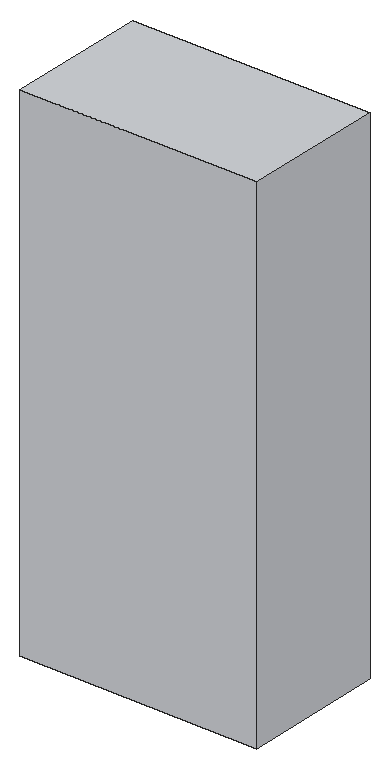
Revit family "PRD_FrankeWS_PwrSpplUnts_PowerSupply_ZAQUA007,ZAQUA094", category Electrical Equipment, Revit 2015
Parameters (values of type "ZAQUA007 - with standardised European plug")
  WarrantyStartDate [instance] = "1900-12-31T23:59:59"
  WarrantyGuarantorParts = "n/a"
  WarrantyGuarantorLabor = "n/a"
  WarrantyDurationUnit = "year"
  WarrantyDurationParts = "n/a"
  WarrantyDurationLabor = "n/a"
  WarrantyDescription = "n/a"
  Voltage = "230"
  Version = "1"
  Uniclass2015Version = "Products v1.7"
  Uniclass2015Title = "Power supply products"
  Uniclass2015Code = "Pr_60_70"
  URL = "www.franke.com"
  TagNumber [instance] = "n/a"
  SustainabilityPerformance = "n/a"
  Size = "90 x 43 x 25 mm"
  Shape = "n/a"
  SerialNumber [instance] = "n/a"
  SecondaryVoltage = 24 V
  SecondaryFrequency = 0 Hz
  SecondaryCurrentType = "DC"
  SecondaryCurrent = 0 A
  SecondaryApparentPower = 0 VA
  Revision = "n/a"
  ReplacementCost = "n/a"
  ProductInformation = "http://igh.franke.mycontent.ch/ch/pdf/Franke_ZDS_2000100375_EN.pdf"
  PrimaryVoltage = 230 V
  PrimaryFrequency = 50 Hz
  PrimaryCurrent = 0 A
  PrimaryApparentPower = 0 VA
  PowerSupplyMaterial = none
  NominalWidth = 90 mm
  NominalLength = 25 mm
  NominalHeight = 43 mm
  NetWeight = 0.236 kg
  Name = "Power supply ZAQUA007"
  NBSTypeID = "n/a"
  NBSReference = "90-70-05/390"
  NBSOfficeMasterTag = "n/a"
  NBSNote = "n/a"
  NBSDescription = "Power supply units"
  NBSCertification = "n/a"
  ModelReference = "ZAQUA007"
  ModelNumber = "2000100375"
  Model = ModelReference  # "ZAQUA007"
  MaximumApparentPower = 0 VA
  Material = "n/a"
  ManufacturerURL = "www.franke.com"
  ManufacturerName = "FRANKE Water Systems AG"  # constant formula
  Manufacturer = ManufacturerName  # "FRANKE Water Systems AG"
  InstallationDate [instance] = "1900-12-31T23:59:59"
  IfcExportType = "NOTDEFINED"
  IfcExportAs = "IfcTransformerType"
  IP_Code = "IP68"
  GrossWeight = 0.305 kg
  Grade = "n/a"
  Finish = "n/a"
  Features = "n/a"
  ExpectedLife = "n/a"
  DurationUnit = "year"
  Description = "Power supply - A3000 open in waterproof housing for wall mounting for supplying power to AQUA 3000 open fitting, 230 V AC / 24 V DC, 12 W."
  Constituents = "n/a"
  Color = "n/a"
  CodePerformance = "n/a"
  Category = "Pr_60_70, Power supply products"
  BarCode [instance] = "n/a"
  BIMObjectName = "PRD_FrankeWS_PowerSupplyUnits_PowerSupply_ZAQUA007"
  Author = "Archispace"  # constant formula
  AssetType = "Fixed"
  AssetIdentifier [instance] = "n/a"
  AccessibilityPerformance = "n/a"
Types (2, lengths in mm): name | ProductInformation | NetWeight | Name | ModelReference | ModelNumber | Model | BIMObjectName
  ZAQUA007 - with standardised European plug | "http://igh.franke.mycontent.ch/ch/pdf/Franke_ZDS_2000100375_EN.pdf" | 0.236 kg | "Power supply ZAQUA007" | "ZAQUA007" | "2000100375" | "ZAQUA007" | "PRD_FrankeWS_PowerSupplyUnits_PowerSupply_ZAQUA007"
  ZAQUA094 - with ferrules | "http://igh.franke.mycontent.ch/ch/pdf/Franke_ZDS_2000102691_EN.pdf" | 0.275 kg | "Power supply ZAQUA094" | "ZAQUA094" | "2000102691" | "ZAQUA094" | "PRD_FrankeWS_PowerSupplyUnits_PowerSupply_ZAQUA094"
Reference planes
  plane 1 "Center (Front/Back)": y = 0
  plane 2: z = 0
  plane 3 "Center (Left/Right)": x = 0
Forms (mm)
  Extrusion 1, solid, material <- "PowerSupplyMaterial"
    sketch origin (0, 0, 0) x (1, 0, 0) y (0, 0, 1)
      loop
        line (-21, 0) -> (21, 0) -> (21, 90) -> (-21, 90) -> (-21, 0)
    from 0 to 25
Dimensions and locks
  aligned and locked: level to plane 2
Connectors
  electrical at (0, -12.5, 0)
    settings: on Extrusion 1, index 1, voltage 230 V, apparent load 0 VA, apparent load phase1 0 VA, apparent load phase2 0 VA, apparent load phase3 0 VA, power factor 1, load classification "Other", number of poles 1, system type 30, power factor state 1, is connector primary yes, connector utility no, sub classification motor no, connector description ""
